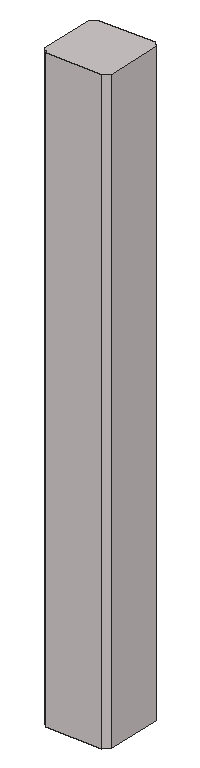
Revit family "Precast-Rectangular Column", category 구조 기둥, Revit 2026
Family settings
  숨겨진 뷰로 표시 = 다른 부재에 가려진 모서리
  단면 모양 = 정의되지 않음
  모델 동작 재료 = 프리캐스트 콘크리트
  항상 형상으로 내보내기 = 아니오
  평면의 보 전환 = 경계 상자에서
  로드될 때 보이드를 사용하여 절단 = 아니오
  기호 표현 = 패밀리에서
  공유 = 아니오
  평면도에서 미리 절단된 패밀리 표시 = 예
Parameters (values of type "12 x 12")
  조합 코드 = "B10"
  Structural Material [instance] = Concrete - Precast Concrete - Normal Weight 5 ksi
  Chamfer = 0' - 1"
  b = 1' - 0"
  h = 1' - 0"
Types (4): name | Chamfer | b | h
  (no name) | 0' - 1" | 1' - 0" | 1' - 0"
  12 x 12 | 0' - 1" | 1' - 0" | 1' - 0"
  18 x 18 | 0' - 1" | 1' - 6" | 1' - 6"
  24 x 24 | 0' - 1 1/2" | 2' - 0" | 2' - 0"
Reference planes (in)
  plane 1 "Center (Front/Back)": y = 0
  plane 2: z = 0
  plane 3 "Center (Left/Right)": x = 0
  plane 4: x = -6
  plane 5: x = 6
  plane 6: y = 6
  plane 7: y = -6
  plane 8: x = -5
  plane 9: y = -5
  plane 10: x = 5
  plane 11: y = 5
Forms (in)
  Extrusion 1, solid, material "Concrete - Precast Concrete - Normal Weight 5 ksi" <- "Structural Material"
    sketch origin (0, 0, 0) x (1, 0, 0) y (0, 1, 0)
      loop
        line (-5, 6) -> (-6, 5) -> (-6, -5) -> (-5, -6) -> (5, -6) -> (6, -5) -> (6, 5) -> (5, 6) -> (-5, 6)
    from 0 to 108
Dimensions and locks (in)
  equal spacing: plane 4, plane 3 "Center (Left/Right)", plane 5
  equal spacing: plane 7, plane 1 "Center (Front/Back)", plane 6
  "h": plane 7 to plane 6
  "b": plane 4 to plane 5
  "Chamfer": plane 4 to plane 8
  "Chamfer": plane 10 to plane 5
  "Chamfer": plane 11 to plane 6
  "Chamfer": plane 7 to plane 9
  aligned and locked: plane 6 to Extrusion 1 sketch curve
  aligned and locked: Extrusion 1 sketch curve to plane 7
  aligned and locked: Extrusion 1 sketch curve to plane 4
  aligned and locked: plane 5 to Extrusion 1 sketch curve
  aligned and locked: level to Extrusion 1
  aligned and locked: level to plane 2
  aligned and locked: Extrusion 1 to plane 2
Automatic sketch dimensions
  Extrusion 1 sketch curve to plane 8 = 0' - 0"  (x2)
  Extrusion 1 sketch curve to plane 10 = 0' - 0"  (x2)
  Extrusion 1 sketch curve to plane 9 = 0' - 0"  (x2)
  Extrusion 1 sketch curve to plane 11 = 0' - 0"  (x2)
